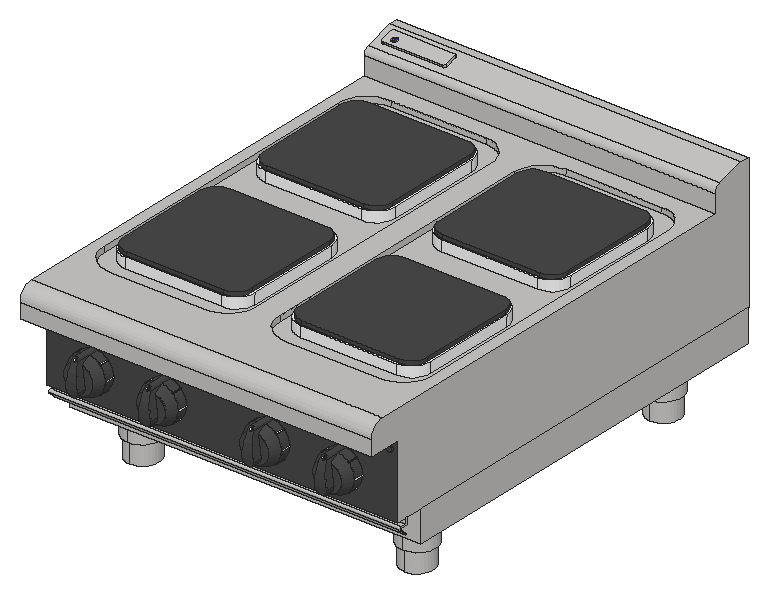
Revit family "QF_Moffat_RNLB8400SE-B_Electric_Cooktops_Sealed_Hobs_cat", category Specialty Equipment, Revit 2019
Family settings
  Round Connector Dimension = Use Diameter
  Part Type = Normal
  Work Plane-Based = No
  Always vertical = Yes
  Cut with Voids When Loaded = No
  Shared = No
  Room Calculation Point = No
Parameters (values of type "E514S-B")
  Weight in Kilograms = 74
  Watts = 8800 W
  Volts = 400 V
  URL Cutsheet = ""
  Specification by User = ""
  Specification by Manufacturer = ""
  Serial Number = ""
  Seismic Rating = ""
  SMACNA No = ""
  Revision Code = ""
  Phase = 2
  Number of Poles = 1
  NAFEM Spec ID Number = ""
  Model = "RNLB8400SE-B"
  Min Ckt Ampacity = 0 A
  Max Overcurrent Protection = 0 A
  Masterspec = ""
  Manufacturer = "Moffat"
  Length = 600 mm
  Item Number = ""
  Installed By = ""
  Identify Quantity as Lot = yes
  Height = 370 mm
  HP = ""
  Furnished By = ""
  Foodservice Equipment Identifier = yes
  FL Amps = 22 A
  Electrical Remarks = ""
  Electric Connection Type = ""
  Elec Conn RI Height = 0 mm
  Elec Conn Connection Height = 0 mm
  Description = "Electric Cooktops Sealed Hobs"
  Depth = 805 mm
  Cycle = 50 Hz
  Conn Plug = ""
  Conn Conduit = yes
  CSI MasterFormat = ""
  Apparent Power = if(Phase = 3, Volts * FL Amps * 1.73, Volts * FL Amps)  # 8800 VA
Reference planes
  plane 1 "BACK": y = 0
  plane 2: z = 0
  plane 3 "LEFT": x = 0
  plane 4 "RIGHT": x = 600
  plane 5 "FRONT": y = -805
  plane 6 "TOP": z = 315
  plane 7 "Center Y": x = 300
  plane 8 "Center X": y = -402.5
  plane 9: x = 65.5
  plane 10: x = 87.5
  plane 11: x = 211.766
  plane 12: y = -30
  plane 13: x = 470
  plane 14: x = 512.5
  plane 15: x = 388.234
  plane 16: x = 534.5
  plane 17: z = 370
Forms (mm)
  Extrusion 1, solid, material "QF_Metal_Stainless_Polished"
    sketch origin (0, 0, 0) x (0, 1, 0) y (0, 0, 1)
      loop
        line (0, 140) -> (0, 370) -> (-15, 370) -> (-61.106, 357.646)
        arc (-61.106, 357.646) -> (-67.52, 353.36) -> (-70, 346.055) r 12
        line (-70, 346.055) -> (-70, 315) -> (-781, 315)
        arc (-781, 315) -> (-797.971, 307.971) -> (-805, 291) r 24
        line (-805, 291) -> (-805, 266) -> (-749, 266) -> (-749, 140) -> (0, 140)
    from 0 to 600
  Extrusion 2, void
    sketch origin (0, -773.8, 315) x (0, 1, 0) y (-1, 0, 0)
      loop
        arc (673.6, -69) -> (658.955, -33.645) -> (623.6, -19) r 50
        line (623.6, -19) -> (123.399, -19)
        arc (123.399, -19) -> (88.044, -33.645) -> (73.399, -69) r 50
        line (73.399, -69) -> (73.399, -231)
        arc (73.399, -231) -> (88.044, -266.355) -> (123.399, -281) r 50
        line (123.399, -281) -> (623.6, -281)
        arc (623.6, -281) -> (658.955, -266.355) -> (673.6, -231) r 50
        line (673.6, -231) -> (673.6, -69)
      loop
        line (673.6, -531) -> (673.6, -369)
        arc (673.6, -369) -> (658.955, -333.645) -> (623.6, -319) r 50
        line (623.6, -319) -> (123.399, -319)
        arc (123.399, -319) -> (88.044, -333.645) -> (73.399, -369) r 50
        line (73.399, -369) -> (73.399, -531)
        arc (73.399, -531) -> (88.044, -566.355) -> (123.399, -581) r 50
        line (123.399, -581) -> (623.6, -581)
        arc (623.6, -581) -> (658.955, -566.355) -> (673.6, -531) r 50
    from 0 to -9.5
  Extrusion 3, solid, material "QF_Plastic_White_Smooth"
    sketch origin (0, -773.8, 305.5) x (0, 1, 0) y (-1, 0, 0)
      loop
        arc (635.218, -68) -> (625.846, -45.373) -> (603.218, -36) r 32
        line (603.218, -36) -> (440.356, -36)
        arc (440.356, -36) -> (417.729, -45.373) -> (408.356, -68) r 32
        line (408.356, -68) -> (408.356, -232)
        arc (408.356, -232) -> (417.729, -254.627) -> (440.356, -264) r 32
        line (440.356, -264) -> (603.218, -264)
        arc (603.218, -264) -> (625.846, -254.627) -> (635.218, -232) r 32
        line (635.218, -232) -> (635.218, -68)
      loop
        arc (335.256, -68) -> (325.884, -45.373) -> (303.256, -36) r 32
        line (303.256, -36) -> (140.282, -36)
        arc (140.282, -36) -> (117.655, -45.373) -> (108.282, -68) r 32
        line (108.282, -68) -> (108.282, -232)
        arc (108.282, -232) -> (117.655, -254.627) -> (140.282, -264) r 32
        line (140.282, -264) -> (303.256, -264)
        arc (303.256, -264) -> (325.884, -254.627) -> (335.256, -232) r 32
        line (335.256, -232) -> (335.256, -68)
      loop
        arc (635.218, -368) -> (625.846, -345.373) -> (603.218, -336) r 32
        line (603.218, -336) -> (440.356, -336)
        arc (440.356, -336) -> (417.728, -345.373) -> (408.356, -368) r 32
        line (408.356, -368) -> (408.356, -532)
        arc (408.356, -532) -> (417.728, -554.627) -> (440.356, -564) r 32
        line (440.356, -564) -> (603.218, -564)
        arc (603.218, -564) -> (625.846, -554.627) -> (635.218, -532) r 32
        line (635.218, -532) -> (635.218, -368)
      loop
        arc (335.258, -368) -> (325.885, -345.373) -> (303.258, -336) r 32
        line (303.258, -336) -> (140.279, -336)
        arc (140.279, -336) -> (117.652, -345.373) -> (108.279, -368) r 32
        line (108.279, -368) -> (108.279, -532)
        arc (108.279, -532) -> (117.652, -554.627) -> (140.279, -564) r 32
        line (140.279, -564) -> (303.258, -564)
        arc (303.258, -564) -> (325.885, -554.627) -> (335.258, -532) r 32
        line (335.258, -532) -> (335.258, -368)
    from 0 to 17.8
  Extrusion 4, solid, material "QF_Plastic_Black_Smooth"
    sketch origin (0, -773.8, 323.3) x (0, 1, 0) y (-1, 0, 0)
      loop
        arc (631.8, -67) -> (623.892, -47.908) -> (604.8, -40) r 27
        line (604.8, -40) -> (438.79, -40)
        arc (438.79, -40) -> (419.699, -47.908) -> (411.79, -67) r 27
        line (411.79, -67) -> (411.79, -233)
        arc (411.79, -233) -> (419.699, -252.092) -> (438.79, -260) r 27
        line (438.79, -260) -> (604.8, -260)
        arc (604.8, -260) -> (623.892, -252.092) -> (631.8, -233) r 27
        line (631.8, -233) -> (631.8, -67)
      loop
        arc (331.8, -67) -> (323.892, -47.908) -> (304.8, -40) r 27
        line (304.8, -40) -> (138.8, -40)
        arc (138.8, -40) -> (119.708, -47.908) -> (111.8, -67) r 27
        line (111.8, -67) -> (111.8, -233)
        arc (111.8, -233) -> (119.708, -252.092) -> (138.8, -260) r 27
        line (138.8, -260) -> (304.8, -260)
        arc (304.8, -260) -> (323.892, -252.092) -> (331.8, -233) r 27
        line (331.8, -233) -> (331.8, -67)
      loop
        line (631.8, -533) -> (631.8, -367)
        arc (631.8, -367) -> (623.892, -347.908) -> (604.8, -340) r 27
        line (604.8, -340) -> (438.79, -340)
        arc (438.79, -340) -> (419.699, -347.908) -> (411.79, -367) r 27
        line (411.79, -367) -> (411.79, -533)
        arc (411.79, -533) -> (419.699, -552.092) -> (438.79, -560) r 27
        line (438.79, -560) -> (604.8, -560)
        arc (604.8, -560) -> (623.892, -552.092) -> (631.8, -533) r 27
      loop
        line (331.8, -533) -> (331.8, -367)
        arc (331.8, -367) -> (323.892, -347.908) -> (304.8, -340) r 27
        line (304.8, -340) -> (138.8, -340)
        arc (138.8, -340) -> (119.708, -347.908) -> (111.8, -367) r 27
        line (111.8, -367) -> (111.8, -533)
        arc (111.8, -533) -> (119.708, -552.092) -> (138.8, -560) r 27
        line (138.8, -560) -> (304.8, -560)
        arc (304.8, -560) -> (323.892, -552.092) -> (331.8, -533) r 27
    from 0 to 6.1
  Extrusion 5, solid, material "QF_Metal_Stainless_Polished"
    sketch origin (0, 0, 0) x (0, 1, 0) y (0, 0, 1)
      loop
        line (-699, 85) -> (0, 85) -> (0, 140) -> (-699, 140) -> (-699, 85)
    from 0 to 600
  Extrusion 6, solid, material "QF_Metal_Stainless_Polished"
    sketch origin (0, 0, 0) x (0, 1, 0) y (0, 0, 1)
      loop
        line (-730.6, 140) -> (-730.6, 130) -> (-740.105, 130)
        arc (-740.105, 130) -> (-743.076, 128.015) -> (-742.379, 124.511) r 3.215
        line (-742.379, 124.511) -> (-731.85, 113.982) -> (-730.719, 115.113) -> (-741.247, 125.642)
        arc (-741.247, 125.642) -> (-741.597, 127.403) -> (-740.105, 128.4) r 1.615
        line (-740.105, 128.4) -> (-729, 128.4) -> (-729, 140) -> (-730.6, 140)
    from 0 to 600
  Extrusion 7, solid, material "QF_Metal_Stainless_Polished"
    sketch origin (300, 175.397, 1219.2) x (0, 1, 0) y (0, 0, 1)
      loop
        line (-874.397, -1109.2) -> (-889.234, -1109.2)
        arc (-889.234, -1109.2) -> (-890.834, -1110.8) -> (-889.234, -1112.4) r 1.6
        line (-889.234, -1112.4) -> (-874.397, -1112.4) -> (-874.397, -1109.2)
    from -250 to 250
  Extrusion 8, solid, material "QF_Paint_Green"
    sketch origin (0, -749, 107.5) x (0, 0, 1) y (-1, 0, 0)
      loop
        circle (129.8, -432.5) r 7.15
      loop
        circle (129.8, -557.5) r 7.15
      loop
        circle (129.8, -131.766) r 7.15
      loop
        circle (129.8, -256.766) r 7.15
    from 0 to 1.6
  Extrusion 9, solid, material "QF_Plastic_Black_Smooth"
    sketch origin (0, -749, 107.5) x (0, 0, 1) y (-1, 0, 0)
      loop
        circle (142.343, -13.157) r 5
      loop
        circle (142.343, -586.843) r 5
    from 0 to 1.6
  Extrusion 10, solid, material "QF_Metal_Stainless_Polished"
    sketch origin (-30, -689.8, 85) x (1, 0, 0) y (0, -1, 0)
      loop
        circle (500, -659.8) r 6.35
    from 0 to 1.6
Cuts and joins
  Extrusion 2 cuts Extrusion 1
Lines and regions (mm)
  symbolic lines
    curve 1: line (0, 0, 0) -> (600, 0, 0)
    curve 2: line (0, -805, 0) -> (0, 0, 0)
    curve 3: line (600, -805, 0) -> (0, -805, 0)
    curve 4: line (600, 0, 0) -> (600, -805, 0)
    curve 5: arc (69, -700.401, 0) -> (33.645, -685.756, 0) -> (19, -650.401, 0) r 50
    curve 6: line (19, -650.401, 0) -> (19, -150.2, 0)
    curve 7: arc (19, -150.2, 0) -> (33.645, -114.845, 0) -> (69, -100.2, 0) r 50
    curve 8: line (69, -100.2, 0) -> (231, -100.2, 0)
    curve 9: arc (231, -100.2, 0) -> (266.355, -114.845, 0) -> (281, -150.2, 0) r 50
    curve 10: line (281, -150.2, 0) -> (281, -650.401, 0)
    curve 11: arc (281, -650.401, 0) -> (266.355, -685.756, 0) -> (231, -700.401, 0) r 50
    curve 12: line (231, -700.401, 0) -> (69, -700.401, 0)
    curve 13: arc (369, -700.401, 0) -> (333.645, -685.756, 0) -> (319, -650.401, 0) r 50
    curve 14: line (319, -650.401, 0) -> (319, -150.2, 0)
    curve 15: arc (319, -150.2, 0) -> (333.645, -114.845, 0) -> (369, -100.2, 0) r 50
    curve 16: line (369, -100.2, 0) -> (531, -100.2, 0)
    curve 17: arc (531, -100.2, 0) -> (566.355, -114.845, 0) -> (581, -150.2, 0) r 50
    curve 18: line (581, -150.2, 0) -> (581, -650.401, 0)
    curve 19: arc (581, -650.401, 0) -> (566.355, -685.756, 0) -> (531, -700.401, 0) r 50
    curve 20: line (531, -700.401, 0) -> (369, -700.401, 0)
    curve 21: arc (232, -665.518, 0) -> (254.627, -656.145, 0) -> (264, -633.518, 0) r 32
    curve 22: line (264, -633.518, 0) -> (264, -470.544, 0)
    curve 23: arc (264, -470.544, 0) -> (254.627, -447.916, 0) -> (232, -438.544, 0) r 32
    curve 24: line (232, -438.544, 0) -> (68, -438.544, 0)
    curve 25: arc (68, -438.544, 0) -> (45.373, -447.916, 0) -> (36, -470.544, 0) r 32
    curve 26: line (36, -470.544, 0) -> (36, -633.518, 0)
    curve 27: arc (36, -633.518, 0) -> (45.373, -656.145, 0) -> (68, -665.518, 0) r 32
    curve 28: line (68, -665.518, 0) -> (232, -665.518, 0)
    curve 29: arc (233, -662, 0) -> (252.092, -654.092, 0) -> (260, -635, 0) r 27
    curve 30: line (260, -635, 0) -> (260, -469, 0)
    curve 31: arc (260, -469, 0) -> (252.092, -449.908, 0) -> (233, -442, 0) r 27
    curve 32: line (233, -442, 0) -> (67, -442, 0)
    curve 33: arc (67, -442, 0) -> (47.908, -449.908, 0) -> (40, -469, 0) r 27
    curve 34: line (40, -469, 0) -> (40, -635, 0)
    curve 35: arc (40, -635, 0) -> (47.908, -654.092, 0) -> (67, -662, 0) r 27
    curve 36: line (67, -662, 0) -> (233, -662, 0)
    curve 37: arc (336, -633.521, 0) -> (345.373, -656.148, 0) -> (368, -665.521, 0) r 32
    curve 38: line (368, -665.521, 0) -> (532, -665.521, 0)
    curve 39: arc (532, -665.521, 0) -> (554.627, -656.148, 0) -> (564, -633.521, 0) r 32
    curve 40: line (564, -633.521, 0) -> (564, -470.542, 0)
    curve 41: arc (564, -470.542, 0) -> (554.627, -447.915, 0) -> (532, -438.542, 0) r 32
    curve 42: line (532, -438.542, 0) -> (368, -438.542, 0)
    curve 43: arc (368, -438.542, 0) -> (345.373, -447.915, 0) -> (336, -470.542, 0) r 32
    curve 44: line (336, -470.542, 0) -> (336, -633.521, 0)
    curve 45: arc (340, -635, 0) -> (347.908, -654.092, 0) -> (367, -662, 0) r 27
    curve 46: line (367, -662, 0) -> (533, -662, 0)
    curve 47: arc (533, -662, 0) -> (552.092, -654.092, 0) -> (560, -635, 0) r 27
    curve 48: line (560, -635, 0) -> (560, -469, 0)
    curve 49: arc (560, -469, 0) -> (552.092, -449.908, 0) -> (533, -442, 0) r 27
    curve 50: line (533, -442, 0) -> (367, -442, 0)
    curve 51: arc (367, -442, 0) -> (347.908, -449.908, 0) -> (340, -469, 0) r 27
    curve 52: line (340, -469, 0) -> (340, -635, 0)
    curve 53: arc (340, -335.01, 0) -> (347.908, -354.101, 0) -> (367, -362.01, 0) r 27
    curve 54: line (367, -362.01, 0) -> (533, -362.01, 0)
    curve 55: arc (533, -362.01, 0) -> (552.092, -354.101, 0) -> (560, -335.01, 0) r 27
    curve 56: line (560, -335.01, 0) -> (560, -169, 0)
    curve 57: arc (560, -169, 0) -> (552.092, -149.908, 0) -> (533, -142, 0) r 27
    curve 58: line (533, -142, 0) -> (367, -142, 0)
    curve 59: arc (367, -142, 0) -> (347.908, -149.908, 0) -> (340, -169, 0) r 27
    curve 60: line (340, -169, 0) -> (340, -335.01, 0)
    curve 61: arc (336, -333.444, 0) -> (345.373, -356.072, 0) -> (368, -365.444, 0) r 32
    curve 62: line (368, -365.444, 0) -> (532, -365.444, 0)
    curve 63: arc (532, -365.444, 0) -> (554.627, -356.072, 0) -> (564, -333.444, 0) r 32
    curve 64: line (564, -333.444, 0) -> (564, -170.582, 0)
    curve 65: arc (564, -170.582, 0) -> (554.627, -147.954, 0) -> (532, -138.582, 0) r 32
    curve 66: line (532, -138.582, 0) -> (368, -138.582, 0)
    curve 67: arc (368, -138.582, 0) -> (345.373, -147.954, 0) -> (336, -170.582, 0) r 32
    curve 68: line (336, -170.582, 0) -> (336, -333.444, 0)
    curve 69: arc (232, -365.444, 0) -> (254.627, -356.071, 0) -> (264, -333.444, 0) r 32
    curve 70: line (264, -333.444, 0) -> (264, -170.582, 0)
    curve 71: arc (264, -170.582, 0) -> (254.627, -147.954, 0) -> (232, -138.582, 0) r 32
    curve 72: line (232, -138.582, 0) -> (68, -138.582, 0)
    curve 73: arc (68, -138.582, 0) -> (45.373, -147.954, 0) -> (36, -170.582, 0) r 32
    curve 74: line (36, -170.582, 0) -> (36, -333.444, 0)
    curve 75: arc (36, -333.444, 0) -> (45.373, -356.071, 0) -> (68, -365.444, 0) r 32
    curve 76: line (68, -365.444, 0) -> (232, -365.444, 0)
    curve 77: arc (233, -362.01, 0) -> (252.092, -354.101, 0) -> (260, -335.01, 0) r 27
    curve 78: line (260, -335.01, 0) -> (260, -169, 0)
    curve 79: arc (260, -169, 0) -> (252.092, -149.908, 0) -> (233, -142, 0) r 27
    curve 80: line (233, -142, 0) -> (67, -142, 0)
    curve 81: arc (67, -142, 0) -> (47.908, -149.908, 0) -> (40, -169, 0) r 27
    curve 82: line (40, -169, 0) -> (40, -335.01, 0)
    curve 83: arc (40, -335.01, 0) -> (47.908, -354.101, 0) -> (67, -362.01, 0) r 27
    curve 84: line (67, -362.01, 0) -> (233, -362.01, 0)
    curve 85: line (0, -15, 0) -> (600, -15, 0)
    curve 86: line (0, -70, 0) -> (600, -70, 0)
Dimensions and locks
  equal spacing: plane 3 "LEFT", plane 7 "Center Y", plane 4 "RIGHT"
  "Length": plane 3 "LEFT" to plane 4 "RIGHT"
  equal spacing: plane 5 "FRONT", plane 8 "Center X", plane 1 "BACK"
  "Depth": plane 5 "FRONT" to plane 1 "BACK"
  plane 4 "RIGHT" to plane 3 "LEFT" = 600 mm
  plane 1 "BACK" to plane 5 "FRONT" = 805 mm
  plane 6 "TOP" to plane 2 = 315 mm
  cut or joined group of Extrusion 1, Extrusion 2 to plane 2 = 315 mm
  plane 2 to Extrusion 5 = 85 mm
  plane 1 "BACK" to nested 5 = 100 mm
  nested 5 to nested 1 = 525 mm
  plane 13 to plane 4 "RIGHT" = 130 mm
  plane 9 to plane 16 = 469 mm
  plane 1 "BACK" to plane 12 = 30 mm
  "Height": plane 17 to level
  aligned and locked: level to plane 2
Automatic sketch dimensions
  Extrusion 3 sketch curve to Extrusion 2 = 34.883 mm
  Extrusion 3 sketch curve to Extrusion 2 = 17 mm  (x6)
  Extrusion 3 sketch curve to Extrusion 3 sketch curve = 32 mm  (x11)
  Extrusion 3 sketch curve to Extrusion 2 = 49 mm  (x5)
  Extrusion 3 sketch curve to Extrusion 3 sketch curve = 162.974 mm
  Extrusion 3 sketch curve to Extrusion 3 sketch curve = 73.1 mm
  Extrusion 3 sketch curve to Extrusion 2 = 70.382 mm  (x4)
  Extrusion 5 sketch curve to plane 1 "BACK" = 0 mm
  Extrusion 5 sketch curve to plane 5 "FRONT" = 106 mm
  level to Extrusion 5 sketch curve = 85 mm
  Extrusion 5 sketch curve to Extrusion 5 sketch curve = 55 mm
  Extrusion 6 sketch curve to Extrusion 6 sketch curve = 0 mm  (x2)
  Extrusion 6 sketch curve to plane 5 "FRONT" = 62.621 mm
  Extrusion 6 sketch curve to Extrusion 6 sketch curve = 1.131 mm  (x3)
  Extrusion 6 sketch curve to Extrusion 6 sketch curve = 1.142 mm  (x2)
  Extrusion 6 sketch curve to Extrusion 6 sketch curve = 10.529 mm
  Extrusion 6 sketch curve to Extrusion 6 sketch curve = 9.505 mm
  Extrusion 6 sketch curve to Extrusion 6 sketch curve = 1.6 mm
  level to Extrusion 6 sketch curve = 113.982 mm
  Extrusion 6 sketch curve to Extrusion 6 sketch curve = 10 mm
  Extrusion 1 to Extrusion 9 sketch curve = 13.157 mm  (x2)
  Extrusion 10 sketch curve to Extrusion 5 = 30 mm
  Extrusion 10 sketch curve to Extrusion 5 = 130 mm
  Extrusion 7 sketch curve to plane 5 "FRONT" = 91.163 mm
  Extrusion 7 sketch curve to Extrusion 7 sketch curve = 14.837 mm
  level to Extrusion 7 sketch curve = 106.8 mm
  Extrusion 7 sketch curve to Extrusion 7 sketch curve = 1.6 mm
  Extrusion 1 to Extrusion 8 sketch curve = 42.5 mm
  Extrusion 8 sketch curve to Extrusion 8 sketch curve = 125 mm  (x2)
  Extrusion 8 sketch curve to Extrusion 8 sketch curve = 175.734 mm
  Extrusion 1 to Extrusion 2 sketch curve = 19 mm
  Extrusion 2 sketch curve to Extrusion 2 sketch curve = 50 mm  (x6)
  Extrusion 2 sketch curve to Extrusion 2 sketch curve = 0 mm  (x2)
  Extrusion 2 sketch curve to Extrusion 2 sketch curve = 162 mm
  Extrusion 2 sketch curve to Extrusion 2 sketch curve = 38 mm
  Extrusion 1 to Extrusion 2 sketch curve = 69 mm
  Extrusion 3 sketch curve to Extrusion 2 = 265.244 mm
  Extrusion 3 sketch curve to Extrusion 2 = 34.88 mm
  Extrusion 3 sketch curve to Extrusion 3 sketch curve = 105.098 mm
  Extrusion 4 sketch curve to Extrusion 3 = 3.518 mm  (x2)
  Extrusion 4 sketch curve to Extrusion 4 sketch curve = 27 mm  (x6)
  Extrusion 4 sketch curve to Extrusion 3 = 4 mm  (x7)
  Extrusion 4 sketch curve to Extrusion 3 = 30.518 mm
  Extrusion 4 sketch curve to Extrusion 3 = 30.456 mm  (x4)
  Extrusion 4 sketch curve to Extrusion 3 = 3.456 mm  (x2)
  Extrusion 4 sketch curve to Extrusion 3 = 3.434 mm  (x2)
  Extrusion 4 sketch curve to Extrusion 3 = 30.434 mm
  Extrusion 4 sketch curve to Extrusion 3 = 30.418 mm  (x4)
  Extrusion 4 sketch curve to Extrusion 3 = 3.418 mm  (x2)
  Extrusion 4 sketch curve to Extrusion 3 = 31 mm
  Extrusion 2 sketch curve to Extrusion 1 = 130.599 mm
  Extrusion 8 sketch curve to Extrusion 1 = 28.7 mm  (x4)
  Extrusion 9 sketch curve to Extrusion 1 = 16.157 mm  (x2)
  plane 1 "BACK" to curve 1 = 0 mm
  curve 1 to plane 3 "LEFT" = 0 mm
  curve 4 to plane 4 "RIGHT" = 0 mm
  plane 5 "FRONT" to curve 4 = 0 mm
  plane 3 "LEFT" to curve 6 = 19 mm
  plane 9 to curve 26 = 29.5 mm
  curve 7 to curve 74 = 17 mm
  curve 73 to curve 82 = 4 mm
  curve 25 to curve 34 = 4 mm
  curve 32 to plane 9 = 1.5 mm
  curve 36 to plane 9 = 1.5 mm
  curve 83 to plane 9 = 1.5 mm
  curve 80 to plane 9 = 1.5 mm
  curve 24 to plane 9 = 2.5 mm
  curve 81 to curve 73 = 1 mm
  curve 27 to plane 9 = 2.5 mm
  curve 83 to curve 75 = 1 mm
  curve 8 to plane 9 = 3.5 mm
  curve 5 to plane 9 = 3.5 mm
  plane 11 to curve 8 = 19.234 mm
  plane 11 to curve 11 = 19.234 mm
  plane 11 to curve 24 = 20.234 mm
  plane 11 to curve 76 = 20.234 mm
  plane 11 to curve 71 = 20.234 mm
  curve 11 to curve 28 = 1 mm
  curve 23 to curve 31 = 1 mm
  curve 76 to curve 84 = 1 mm
  curve 71 to curve 80 = 1 mm
  curve 21 to curve 29 = 1 mm
  curve 31 to curve 30 = 27 mm
  curve 77 to curve 78 = 27 mm
  curve 29 to curve 22 = 4 mm
  curve 77 to curve 70 = 4 mm
  curve 10 to plane 7 "Center Y" = 19 mm
  plane 7 "Center Y" to curve 14 = 19 mm
  curve 14 to curve 44 = 17 mm
  plane 7 "Center Y" to curve 68 = 36 mm
  curve 68 to curve 60 = 4 mm
  curve 44 to curve 52 = 4 mm
  plane 15 to curve 51 = 21.234 mm
  plane 15 to curve 53 = 21.234 mm
  plane 15 to curve 59 = 21.234 mm
  plane 15 to curve 46 = 21.234 mm
  curve 45 to curve 37 = 1 mm
  curve 51 to curve 43 = 1 mm
  curve 59 to curve 67 = 1 mm
  curve 53 to curve 61 = 1 mm
  plane 15 to curve 20 = 19.234 mm
  plane 15 to curve 16 = 19.234 mm
  curve 19 to plane 16 = 3.5 mm
  curve 17 to plane 16 = 3.5 mm
  curve 66 to plane 16 = 2.5 mm
  curve 38 to plane 16 = 2.5 mm
  curve 62 to plane 16 = 2.5 mm
  curve 41 to plane 16 = 2.5 mm
  curve 49 to plane 16 = 1.5 mm
  curve 55 to plane 16 = 1.5 mm
  curve 57 to plane 16 = 1.5 mm
  curve 46 to plane 16 = 1.5 mm
  plane 16 to curve 56 = 25.5 mm
  plane 16 to curve 48 = 25.5 mm
  curve 57 to curve 64 = 4 mm
  curve 47 to curve 40 = 4 mm
  plane 4 "RIGHT" to curve 18 = 19 mm
  curve 20 to plane 5 "FRONT" = 104.599 mm
  curve 12 to plane 5 "FRONT" = 104.599 mm
  curve 38 to curve 13 = 15.12 mm
  curve 28 to curve 5 = 15.117 mm
  curve 28 to curve 36 = 3.518 mm
  curve 37 to curve 46 = 3.521 mm
  curve 25 to plane 8 "Center X" = 68.044 mm
  curve 43 to plane 8 "Center X" = 68.042 mm
  curve 25 to curve 33 = 1.544 mm
  curve 43 to curve 51 = 1.542 mm
  plane 8 "Center X" to curve 62 = 37.056 mm
  plane 8 "Center X" to curve 76 = 37.056 mm
  curve 76 to curve 84 = 3.434 mm
  curve 62 to curve 54 = 3.435 mm
  plane 12 to curve 74 = 140.582 mm
  curve 70 to curve 68 = 0 mm
  curve 73 to curve 81 = 1.582 mm
  curve 64 to curve 56 = 1.582 mm
  curve 70 to curve 10 = 20.382 mm
  curve 67 to curve 14 = 20.382 mm
  Extrusion 1 sketch curve to plane 5 "FRONT" = 0 mm
  Extrusion 1 sketch curve to plane 5 "FRONT" = 24 mm
  Extrusion 1 sketch curve to plane 5 "FRONT" = 56 mm
  Extrusion 1 sketch curve to Extrusion 1 sketch curve = 25 mm
  Extrusion 1 sketch curve to Extrusion 1 sketch curve = 126 mm
  plane 12 to Extrusion 1 sketch curve = 40 mm
  plane 6 "TOP" to Extrusion 1 sketch curve = 31.055 mm
  Extrusion 1 sketch curve to Extrusion 1 sketch curve = 12 mm
  Extrusion 1 sketch curve to Extrusion 1 sketch curve = 3.106 mm
  plane 1 "BACK" to Extrusion 1 sketch curve = 15 mm
  Extrusion 1 sketch curve to Extrusion 1 sketch curve = 12.354 mm
  Extrusion 1 sketch curve to plane 1 "BACK" = 0 mm
  Extrusion 1 sketch curve to plane 6 "TOP" = 0 mm
  Extrusion 2 sketch curve to Extrusion 1 = 80.2 mm  (x3)
  curve 85 to curve 1 = 15 mm
  plane 12 to curve 86 = 40 mm
  radius of Extrusion 9 sketch curve = 5 mm  (x2)
  radius of Extrusion 10 sketch curve = 6.35 mm
  radius of Extrusion 8 sketch curve = 7.15 mm  (x4)
Nested families
  nested 1: "Small Leg" at (33.75, -593.25, 0), type "Small Leg"
  nested 2: "Small Leg" at (566.25, -593.25, 0) x (-1, 0, 0) z (0, 0, 1), type "Small Leg"
  nested 3: "Knob" at (55.003, -746.031, 164.502), type "Knob"
  nested 4: "Knob" at (179.269, -746.031, 164.502), type "Knob"
  nested 5: "Small Leg" at (33.75, -68.25, 0), type "Small Leg"
  nested 6: "Small Leg" at (566.25, -68.25, 0) x (-1, 0, 0) z (0, 0, 1), type "Small Leg"
  nested 7: "Knob" at (355.738, -746.031, 164.502), type "Knob"
  nested 8: "Knob" at (480.003, -746.031, 164.502), type "Knob"
  nested 9: "QF_LOGO_Waldorf" at (12, -23.778, 340.937), type "QF_LOGO_Waldorf"
Connectors
  electrical at (470, -30, 83.4), driven by "Volts", driven by "Watts"
    settings: on Extrusion 10, index 1, voltage 400 V, apparent load 8800 VA, apparent load phase1 0 VA, apparent load phase2 0 VA, apparent load phase3 0 VA, power factor 1, load classification "Other", number of poles 1, system type 30, power factor state 1, is connector primary yes, connector utility no, sub classification motor no, connector description "Electrical Connection"
Definition of nested family "Small Leg"
  Parameters (values of type "Small Leg")
    Weight in Pounds = 0
    URL Cutsheet = ""
    Specification by User = ""
    Specification by Manufacturer = ""
    Serial Number = ""
    Seismic Rating = ""
    SMACNA No = ""
    Revision Code = ""
    NAFEM Spec ID Number = ""
    Masterspec = ""
    Length = 63.5 mm
    Item Number = ""
    Installed By = ""
    Identify Quantity as Lot = yes
    Height = 85 mm
    Furnished By = ""
    Foodservice Equipment Identifier = yes
    Depth = 63.5 mm
    CSI MasterFormat = ""
  Reference planes
    plane 1 "BACK": y = 0
    plane 2: z = 0
    plane 3 "LEFT": x = 0
    plane 4 "RIGHT": x = 63.5
    plane 5 "FRONT": y = -63.5
    plane 6 "TOP": z = 85
    plane 7 "Center Y": x = 31.75
    plane 8 "Center X": y = -31.75
  Forms (mm)
    Revolve 1, solid
      sketch origin (31.75, 175.397, 1219.2) x (0, 1, 0) y (0, 0, 1)
        loop
          line (-207.147, -1134.2) -> (-207.147, -1219.2) -> (-179.647, -1219.2) -> (-179.647, -1184.2) -> (-175.397, -1184.2) -> (-175.397, -1134.2) -> (-207.147, -1134.2)
        axis (-207.147, -1134.2) -> (-207.147, -1219.2)
      angle from 0 to 360
  Dimensions and locks
    equal spacing: plane 3 "LEFT", plane 7 "Center Y", plane 4 "RIGHT"
    "Length": plane 3 "LEFT" to plane 4 "RIGHT"
    equal spacing: plane 5 "FRONT", plane 8 "Center X", plane 1 "BACK"
    "Depth": plane 5 "FRONT" to plane 1 "BACK"
    "Height": plane 6 "TOP" to level
    plane 4 "RIGHT" to plane 3 "LEFT" = 63.5 mm
    aligned and locked: level to plane 2
  Automatic sketch dimensions
    Revolve 1 sketch curve to plane 6 "TOP" = 0 mm
    Revolve 1 sketch curve to plane 8 "Center X" = 0 mm  (x2)
    Revolve 1 sketch curve to level = 0 mm  (x2)
    Revolve 1 sketch curve to plane 1 "BACK" = 0 mm
    Revolve 1 sketch curve to Revolve 1 sketch curve = 4.25 mm
    level to Revolve 1 sketch curve = 35 mm
    Revolve 1 sketch curve to Revolve 1 sketch curve = 20 mm
Definition of nested family "Knob"
  Parameters (values of type "Knob")
    Weight in Pounds = 0
    URL Cutsheet = ""
    Specification by User = ""
    Specification by Manufacturer = ""
    Serial Number = ""
    Seismic Rating = ""
    SMACNA No = ""
    Revision Code = ""
    NAFEM Spec ID Number = ""
    Masterspec = ""
    Length = 65 mm
    Item Number = ""
    Installed By = ""
    Identify Quantity as Lot = yes
    Height = 69.5 mm
    Furnished By = ""
    Foodservice Equipment Identifier = yes
    Depth = 59 mm
    CSI MasterFormat = ""
  Reference planes
    plane 1 "BACK": y = 0
    plane 2: z = 0
    plane 3 "LEFT": x = 0
    plane 4 "RIGHT": x = 65
    plane 5 "FRONT": y = -59
    plane 6 "TOP": z = 69.5
    plane 7 "Center Y": x = 32.5
    plane 8 "Center X": y = -29.5
  Forms (mm)
    Revolve 1, solid
      sketch origin (32.5, 175.397, 1219.2) x (0, 1, 0) y (0, 0, 1)
        loop
          line (-175.397, -1186.7) -> (-219.397, -1186.7) -> (-219.397, -1211.501) -> (-202.106, -1219.2) -> (-185.397, -1219.2) -> (-185.397, -1191.7) -> (-175.397, -1191.7) -> (-175.397, -1186.7)
        axis (-219.397, -1186.7) -> (-175.397, -1186.7)
      angle from 0 to 360
    Extrusion 2, solid
      sketch origin (32.5, 175.397, 1219.2) x (0, 1, 0) y (0, 0, 1)
        loop
          line (-202.106, -1154.2) -> (-185.397, -1154.2) -> (-185.397, -1149.7) -> (-224.105, -1149.7)
          arc (-224.105, -1149.7) -> (-233.965, -1178.467) -> (-230.696, -1208.7) r 70
          line (-230.696, -1208.7) -> (-219.397, -1208.7) -> (-219.397, -1161.899) -> (-202.106, -1154.2)
      from -15 to 15
    Extrusion 3, void
      sketch origin (0, 0, 0) x (1, 0, 0) y (0, 0, 1)
        loop
          line (27.501, 64.613) -> (22.02, 20.585)
          arc (22.02, 20.585) -> (32.792, 10.488) -> (42.986, 21.169) r 10.487
          line (42.986, 21.169) -> (37.499, 64.613)
          arc (37.499, 64.613) -> (32.5, 69.5) -> (27.501, 64.613) r 5
        loop
          line (10, 72.977) -> (10, 5.625) -> (55, 5.625) -> (55, 72.977) -> (10, 72.977)
      from 6.142 to 69.687
    Extrusion 4, solid
      sketch origin (0, -34.115, -16.916) x (1, 0, 0) y (0, 0.45399, 0.891007)
        loop
          circle (32.497, 65) r 2
      from 51.525 to 53.075
    Extrusion 5, solid
      sketch origin (32.5, -10, 32.5) x (0, 0, -1) y (-1, 0, 0)
        loop
          line (-23.54, -22.408) -> (-24.106, -22.974)
          arc (-24.106, -22.974) -> (-23.547, -23.547) -> (-22.974, -24.106) r 33.3
          line (-22.974, -24.106) -> (-22.408, -23.54)
          arc (-22.408, -23.54) -> (-22.981, -22.981) -> (-23.54, -22.408) r 32.5
        loop
          arc (-0.8, -33.29) -> (0, -33.3) -> (0.8, -33.29) r 33.3
          line (0.8, -33.29) -> (0.8, -32.49)
          arc (0.8, -32.49) -> (0, -32.5) -> (-0.8, -32.49) r 32.5
          line (-0.8, -32.49) -> (-0.8, -33.29)
        loop
          arc (23.54, -22.408) -> (22.981, -22.981) -> (22.408, -23.54) r 32.5
          line (22.408, -23.54) -> (22.974, -24.106)
          arc (22.974, -24.106) -> (23.547, -23.547) -> (24.106, -22.974) r 33.3
          line (24.106, -22.974) -> (23.54, -22.408)
        loop
          arc (-23.54, 22.408) -> (-22.981, 22.981) -> (-22.408, 23.54) r 32.5
          line (-22.408, 23.54) -> (-22.974, 24.106)
          arc (-22.974, 24.106) -> (-23.547, 23.547) -> (-24.106, 22.974) r 33.3
          line (-24.106, 22.974) -> (-23.54, 22.408)
        loop
          line (-0.8, 33.29) -> (-0.8, 32.49)
          arc (-0.8, 32.49) -> (0, 32.5) -> (0.8, 32.49) r 32.5
          line (0.8, 32.49) -> (0.8, 33.29)
          arc (0.8, 33.29) -> (0, 33.3) -> (-0.8, 33.29) r 33.3
        loop
          line (32.49, -0.8) -> (33.29, -0.8)
          arc (33.29, -0.8) -> (33.3, 0) -> (33.29, 0.8) r 33.3
          line (33.29, 0.8) -> (32.49, 0.8)
          arc (32.49, 0.8) -> (32.5, 0) -> (32.49, -0.8) r 32.5
        loop
          arc (24.106, 22.974) -> (23.547, 23.547) -> (22.974, 24.106) r 33.3
          line (22.974, 24.106) -> (22.408, 23.54)
          arc (22.408, 23.54) -> (22.981, 22.981) -> (23.54, 22.408) r 32.5
          line (23.54, 22.408) -> (24.106, 22.974)
      from 0 to -16.709
  Cuts and joins
    Extrusion 3 cuts Extrusion 2
  Dimensions and locks
    equal spacing: plane 3 "LEFT", plane 7 "Center Y", plane 4 "RIGHT"
    "Length": plane 3 "LEFT" to plane 4 "RIGHT"
    equal spacing: plane 5 "FRONT", plane 8 "Center X", plane 1 "BACK"
    "Depth": plane 5 "FRONT" to plane 1 "BACK"
    "Height": plane 6 "TOP" to level
    plane 4 "RIGHT" to plane 3 "LEFT" = 65 mm
    aligned and locked: level to plane 2
  Automatic sketch dimensions
    Revolve 1 sketch curve to level = 0 mm
    Revolve 1 sketch curve to plane 1 "BACK" = 0 mm  (x2)
    plane 1 "BACK" to Revolve 1 sketch curve = 10 mm
    plane 8 "Center X" to Revolve 1 sketch curve = 2.791 mm
    Revolve 1 sketch curve to plane 8 "Center X" = 14.5 mm
    level to Revolve 1 sketch curve = 7.699 mm
    level to Revolve 1 sketch curve = 27.5 mm
    Revolve 1 sketch curve to Revolve 1 sketch curve = 5 mm
    Revolve 1 sketch curve to Revolve 1 sketch curve = 35 mm
    Revolve 1 sketch curve to Revolve 1 sketch curve = 0 mm
    Extrusion 2 sketch curve to plane 6 "TOP" = 0 mm
    Extrusion 2 sketch curve to plane 5 "FRONT" = 3.702 mm
    Extrusion 2 sketch curve to plane 5 "FRONT" = 10.293 mm
    Extrusion 2 sketch curve to Extrusion 2 sketch curve = 11.298 mm
    plane 8 "Center X" to Extrusion 2 sketch curve = 2.791 mm
    plane 1 "BACK" to Extrusion 2 sketch curve = 10 mm
    Extrusion 2 sketch curve to plane 1 "BACK" = 11 mm
    Extrusion 2 sketch curve to plane 6 "TOP" = 4.5 mm
    Extrusion 2 sketch curve to plane 6 "TOP" = 12.199 mm
    level to Extrusion 2 sketch curve = 32.962 mm
    level to Extrusion 3 sketch curve = 5.625 mm
    Extrusion 3 sketch curve to plane 7 "Center Y" = 0 mm  (x2)
    Extrusion 3 sketch curve to plane 7 "Center Y" = 4.999 mm
    Extrusion 3 sketch curve to plane 7 "Center Y" = 10.48 mm
    plane 6 "TOP" to Extrusion 3 sketch curve = 3.477 mm
    plane 3 "LEFT" to Extrusion 3 sketch curve = 10 mm
    Extrusion 3 sketch curve to plane 6 "TOP" = 4.887 mm
    Extrusion 3 sketch curve to Extrusion 3 sketch curve = 4.999 mm
    plane 7 "Center Y" to Extrusion 3 sketch curve = 10.486 mm
    level to Extrusion 3 sketch curve = 20.585 mm
    Extrusion 3 sketch curve to Extrusion 3 sketch curve = 0.387 mm
    Extrusion 3 sketch curve to Extrusion 3 sketch curve = 0.113 mm
    plane 4 "RIGHT" to Extrusion 3 sketch curve = 10 mm
    Extrusion 5 sketch curve to Revolve 1 = 32.49 mm
    Revolve 1 to Extrusion 5 sketch curve = 32.49 mm
    Extrusion 5 sketch curve to Revolve 1 = 23.54 mm  (x2)
    Revolve 1 to Extrusion 5 sketch curve = 23.54 mm  (x2)
    Extrusion 5 sketch curve to Revolve 1 = 24.106 mm  (x2)
    Revolve 1 to Extrusion 5 sketch curve = 24.106 mm  (x2)
    Revolve 1 to Extrusion 5 sketch curve = 22.408 mm  (x2)
    Extrusion 5 sketch curve to Revolve 1 = 22.408 mm  (x2)
    Revolve 1 to Extrusion 5 sketch curve = 22.974 mm  (x2)
    Extrusion 5 sketch curve to Revolve 1 = 22.974 mm  (x2)
    Extrusion 5 sketch curve to Extrusion 5 sketch curve = 1.6 mm  (x2)
    Revolve 1 to Extrusion 5 sketch curve = 0.8 mm
    Extrusion 5 sketch curve to Revolve 1 = 0.8 mm
    Extrusion 4 sketch curve to plane 7 "Center Y" = 0.003 mm
    radius of Extrusion 5 sketch curve to Revolve 1 = 0 mm  (x7)
    radius of Revolve 1 to Extrusion 5 sketch curve = 0.8 mm  (x7)
    radius of Extrusion 4 sketch curve = 2 mm
Definition of nested family "QF_LOGO_Waldorf"
  Parameters (values of type "QF_LOGO_Waldorf")
    Weight in Pounds = 0
    URL Cutsheet = ""
    Specification by User = ""
    Specification by Manufacturer = ""
    Serial Number = ""
    Seismic Rating = ""
    SMACNA No = ""
    Revision Code = ""
    NAFEM Spec ID Number = ""
    Masterspec = ""
    Length = 138 mm
    Item Number = ""
    Installed By = ""
    Identify Quantity as Lot = yes
    Height = 26.711 mm
    Furnished By = ""
    Foodservice Equipment Identifier = yes
    Depth = 3.175 mm
    CSI MasterFormat = ""
  Reference planes
    plane 1 "BACK": y = 0
    plane 2: z = 0
    plane 3 "LEFT": x = 0
    plane 4 "RIGHT": x = 138
    plane 5 "FRONT": y = -3.175
    plane 6 "TOP": z = 26.711
    plane 7 "Center Y": x = 69
    plane 8 "Center X": y = -1.587
  Forms (mm)
    Extrusion 1, solid
      sketch origin (0, -25.801, 19.798) x (1, 0, 0) y (0, 0.965926, 0.258819)
        loop
          line (109, 3.464) -> (109, 23.247)
          spline (109, 23.247) -> (108.966, 23.699) -> (108.864, 24.143) -> (108.696, 24.572) -> (108.464, 24.979) -> (108.173, 25.355) -> (107.828, 25.696) -> (107.435, 25.995) -> (107, 26.247) -> (106.531, 26.447) -> (106.035, 26.593) -> (105.522, 26.681) -> (105, 26.711)
          line (105, 26.711) -> (4, 26.711)
          spline (4, 26.711) -> (3.478, 26.681) -> (2.965, 26.593) -> (2.469, 26.447) -> (2, 26.247) -> (1.565, 25.995) -> (1.172, 25.696) -> (0.827, 25.355) -> (0.536, 24.979) -> (0.304, 24.572) -> (0.136, 24.143) -> (0.034, 23.699) -> (0, 23.247)
          line (0, 23.247) -> (0, 3.464)
          spline (0, 3.464) -> (0.034, 3.012) -> (0.136, 2.568) -> (0.304, 2.138) -> (0.536, 1.732) -> (0.827, 1.355) -> (1.172, 1.015) -> (1.565, 0.716) -> (2, 0.464) -> (2.469, 0.264) -> (2.965, 0.118) -> (3.478, 0.03) -> (4, 0)
          line (4, 0) -> (105, 0)
          spline (105, 0) -> (105.522, 0.03) -> (106.035, 0.118) -> (106.531, 0.264) -> (107, 0.464) -> (107.435, 0.716) -> (107.828, 1.015) -> (108.173, 1.355) -> (108.464, 1.732) -> (108.696, 2.138) -> (108.864, 2.568) -> (108.966, 3.012) -> (109, 3.464)
        loop
          line (14.75, 7.005) -> (14.75, 15.654)
          arc (14.75, 15.654) -> (10.425, 11.329) -> (14.75, 7.005) r 4.325
        loop
          line (15.25, 15.654) -> (15.25, 7.005)
          arc (15.25, 7.005) -> (19.575, 11.329) -> (15.25, 15.654) r 4.325
      from 0 to 3.2
    Extrusion 2, solid
      sketch origin (0, -25.801, 19.798) x (1, 0, 0) y (0, 0.965926, 0.258819)
        loop
          line (15.25, 15.654) -> (15.25, 7.005)
          arc (15.25, 7.005) -> (19.575, 11.329) -> (15.25, 15.654) r 4.325
      from 0 to 3.2
    Extrusion 3, solid
      sketch origin (16.271, -25.801, 19.798) x (-1, 0, 0) y (0, -0.965926, -0.258819)
        loop
          arc (1.521, -15.654) -> (5.846, -11.329) -> (1.521, -7.005) r 4.325
          line (1.521, -7.005) -> (1.521, -15.654)
      from 0 to 3.2
  Lines and regions (mm)
    Split face 1
      outline origin (0, -26.629, 22.888) x (1, 0, 0) y (0, 0.965926, 0.258819)
        loop
          spline (22.129, 16.975) -> (22.389, 15.984) -> (22.649, 15.002) -> (22.91, 14.028) -> (23.172, 13.065) -> (23.433, 12.11) -> (23.695, 11.166) -> (23.956, 10.232) -> (24.218, 9.308) -> (24.479, 8.396) -> (24.74, 7.495) -> (25, 6.605) -> (25.26, 5.728)
          line (25.26, 5.728) -> (29.463, 5.728)
          spline (29.463, 5.728) -> (29.582, 6.252) -> (29.701, 6.78) -> (29.82, 7.313) -> (29.939, 7.85) -> (30.058, 8.391) -> (30.178, 8.936) -> (30.297, 9.485) -> (30.416, 10.038) -> (30.536, 10.594) -> (30.655, 11.155) -> (30.775, 11.719) -> (30.894, 12.287)
          spline (30.894, 12.287) -> (31.018, 11.719) -> (31.142, 11.155) -> (31.266, 10.594) -> (31.39, 10.038) -> (31.514, 9.485) -> (31.638, 8.936) -> (31.762, 8.391) -> (31.885, 7.85) -> (32.009, 7.313) -> (32.133, 6.78) -> (32.256, 6.252) -> (32.379, 5.728)
          line (32.379, 5.728) -> (36.51, 5.728)
          spline (36.51, 5.728) -> (36.766, 6.605) -> (37.023, 7.495) -> (37.28, 8.396) -> (37.538, 9.308) -> (37.795, 10.232) -> (38.053, 11.166) -> (38.311, 12.11) -> (38.569, 13.065) -> (38.826, 14.028) -> (39.083, 15.002) -> (39.34, 15.984) -> (39.597, 16.975)
          line (39.597, 16.975) -> (35.637, 16.975)
          spline (35.637, 16.975) -> (35.523, 16.334) -> (35.41, 15.697) -> (35.296, 15.063) -> (35.182, 14.433) -> (35.068, 13.807) -> (34.954, 13.185) -> (34.84, 12.566) -> (34.726, 11.952) -> (34.612, 11.342) -> (34.497, 10.737) -> (34.383, 10.135) -> (34.269, 9.538)
          spline (34.269, 9.538) -> (34.138, 10.135) -> (34.008, 10.737) -> (33.877, 11.342) -> (33.746, 11.952) -> (33.616, 12.566) -> (33.485, 13.185) -> (33.354, 13.807) -> (33.224, 14.433) -> (33.093, 15.063) -> (32.963, 15.697) -> (32.833, 16.334) -> (32.703, 16.975)
          line (32.703, 16.975) -> (29.247, 16.975)
          spline (29.247, 16.975) -> (29.111, 16.334) -> (28.974, 15.697) -> (28.837, 15.063) -> (28.7, 14.433) -> (28.562, 13.807) -> (28.425, 13.185) -> (28.288, 12.566) -> (28.15, 11.952) -> (28.013, 11.342) -> (27.875, 10.737) -> (27.738, 10.135) -> (27.6, 9.538)
          spline (27.6, 9.538) -> (27.483, 10.135) -> (27.366, 10.737) -> (27.249, 11.342) -> (27.132, 11.952) -> (27.015, 12.566) -> (26.897, 13.185) -> (26.78, 13.807) -> (26.663, 14.433) -> (26.546, 15.063) -> (26.43, 15.697) -> (26.313, 16.334) -> (26.196, 16.975)
          line (26.196, 16.975) -> (22.129, 16.975)
    Split face 2
      outline origin (0, -26.629, 22.888) x (1, 0, 0) y (0, 0.965926, 0.258819)
        loop
          line (51.449, 5.728) -> (51.035, 6.606) -> (51.035, 11.169)
          spline (51.035, 11.169) -> (50.686, 12.42) -> (50.176, 13.224) -> (49.51, 13.708) -> (48.693, 13.995) -> (47.747, 14.152) -> (46.698, 14.207) -> (45.579, 14.186) -> (44.419, 14.114) -> (43.279, 13.929) -> (42.249, 13.481) -> (41.424, 12.614) -> (40.897, 11.169)
          line (40.897, 11.169) -> (44.617, 11.169) -> (44.988, 11.965)
          spline (44.988, 11.965) -> (47.294, 11.682) -> (46.856, 10.932) -> (45.527, 10.609) -> (43.858, 10.439) -> (42.259, 10.123) -> (41.078, 9.417) -> (40.563, 8.246) -> (40.689, 6.989) -> (41.407, 6.052) -> (42.774, 5.536) -> (44.847, 5.497) -> (47.306, 6.602)
          line (47.306, 6.602) -> (47.624, 5.728) -> (51.449, 5.728)
    Split face 3
      outline origin (0, -26.629, 22.888) x (1, 0, 0) y (0, 0.965926, 0.258819)
        loop
          line (47.264, 9.264) -> (44.938, 8.597)
          spline (44.938, 8.597) -> (44.508, 8.228) -> (44.402, 7.9) -> (44.548, 7.626) -> (44.877, 7.42) -> (45.317, 7.295) -> (45.797, 7.265) -> (46.252, 7.342) -> (46.65, 7.525) -> (46.971, 7.813) -> (47.194, 8.201) -> (47.298, 8.685) -> (47.264, 9.264)
    Split face 4
      outline origin (0, -26.629, 22.888) x (1, 0, 0) y (0, 0.965926, 0.258819)
        loop
          line (53.33, 16.975) -> (53.33, 5.728) -> (57.173, 5.728) -> (57.173, 16.975) -> (53.33, 16.975)
    Split face 5
      outline origin (0, -26.629, 22.888) x (1, 0, 0) y (0, 0.965926, 0.258819)
        loop
          line (65.795, 16.975) -> (65.795, 12.976)
          spline (65.795, 12.976) -> (63.839, 14.082) -> (62.087, 14.096) -> (60.633, 13.343) -> (59.574, 12.148) -> (58.99, 10.806) -> (58.867, 9.452) -> (59.156, 8.159) -> (59.81, 7) -> (60.786, 6.056) -> (62.111, 5.514) -> (63.868, 5.634) -> (66.137, 6.679)
          line (66.137, 6.679) -> (66.137, 5.728) -> (69.511, 5.728) -> (69.511, 16.975) -> (65.795, 16.975)
    Split face 6
      outline origin (0, -26.629, 22.888) x (1, 0, 0) y (0, 0.965926, 0.258819)
        loop
          spline (64.273, 7.499) -> (64.754, 7.57) -> (65.202, 7.777) -> (65.587, 8.106) -> (65.882, 8.535) -> (66.067, 9.034) -> (66.131, 9.57) -> (66.067, 10.106) -> (65.882, 10.605) -> (65.587, 11.034) -> (65.202, 11.363) -> (64.754, 11.57) -> (64.273, 11.64)
          spline (64.273, 11.64) -> (63.793, 11.57) -> (63.345, 11.363) -> (62.96, 11.034) -> (62.665, 10.605) -> (62.479, 10.106) -> (62.416, 9.57) -> (62.479, 9.034) -> (62.665, 8.535) -> (62.96, 8.106) -> (63.345, 7.777) -> (63.793, 7.57) -> (64.273, 7.499)
    Split face 7
      outline origin (0, -26.629, 22.888) x (1, 0, 0) y (0, 0.965926, 0.258819)
        loop
          spline (76.449, 5.305) -> (77.855, 5.457) -> (79.166, 5.901) -> (80.291, 6.607) -> (81.155, 7.527) -> (81.698, 8.599) -> (81.883, 9.749) -> (81.698, 10.899) -> (81.155, 11.97) -> (80.291, 12.891) -> (79.166, 13.597) -> (77.855, 14.041) -> (76.449, 14.192)
          spline (76.449, 14.192) -> (75.042, 14.041) -> (73.731, 13.597) -> (72.606, 12.891) -> (71.742, 11.97) -> (71.199, 10.899) -> (71.014, 9.749) -> (71.199, 8.599) -> (71.742, 7.527) -> (72.606, 6.607) -> (73.731, 5.901) -> (75.042, 5.457) -> (76.449, 5.305)
    Split face 8
      outline origin (0, -26.629, 22.888) x (1, 0, 0) y (0, 0.965926, 0.258819)
        loop
          spline (76.449, 7.654) -> (76.841, 7.725) -> (77.206, 7.934) -> (77.52, 8.267) -> (77.76, 8.701) -> (77.912, 9.206) -> (77.963, 9.749) -> (77.912, 10.291) -> (77.76, 10.796) -> (77.52, 11.23) -> (77.206, 11.563) -> (76.841, 11.772) -> (76.449, 11.843)
          spline (76.449, 11.843) -> (76.057, 11.772) -> (75.691, 11.563) -> (75.378, 11.23) -> (75.137, 10.796) -> (74.986, 10.291) -> (74.934, 9.749) -> (74.986, 9.206) -> (75.137, 8.701) -> (75.378, 8.267) -> (75.691, 7.934) -> (76.057, 7.725) -> (76.449, 7.654)
    Split face 9
      outline origin (0, -26.629, 22.888) x (1, 0, 0) y (0, 0.965926, 0.258819)
        loop
          line (86.998, 12.335) -> (86.998, 13.879) -> (83.479, 13.879) -> (83.479, 5.728) -> (87.312, 5.728) -> (87.312, 8.975)
          spline (87.312, 8.975) -> (87.364, 9.356) -> (87.458, 9.686) -> (87.594, 9.968) -> (87.769, 10.204) -> (87.982, 10.398) -> (88.229, 10.55) -> (88.509, 10.666) -> (88.82, 10.746) -> (89.16, 10.794) -> (89.525, 10.812) -> (89.915, 10.803) -> (90.327, 10.77)
          line (90.327, 10.77) -> (90.327, 14.113)
          spline (90.327, 14.113) -> (89.929, 14.127) -> (89.552, 14.111) -> (89.197, 14.066) -> (88.865, 13.991) -> (88.554, 13.887) -> (88.266, 13.754) -> (87.999, 13.591) -> (87.755, 13.399) -> (87.532, 13.177) -> (87.332, 12.926) -> (87.154, 12.645) -> (86.998, 12.335)
    Split face 10
      outline origin (0, -26.629, 22.888) x (1, 0, 0) y (0, 0.965926, 0.258819)
        loop
          line (92.082, 13.879) -> (90.894, 13.879) -> (90.894, 11.972) -> (92.082, 11.972) -> (92.082, 5.728) -> (95.871, 5.728) -> (95.871, 11.972) -> (97.5, 11.972) -> (97.5, 13.879) -> (95.871, 13.879)
          spline (95.871, 13.879) -> (95.843, 14.088) -> (95.845, 14.278) -> (95.877, 14.447) -> (95.939, 14.596) -> (96.03, 14.726) -> (96.151, 14.835) -> (96.301, 14.925) -> (96.482, 14.995) -> (96.692, 15.045) -> (96.931, 15.075) -> (97.201, 15.085) -> (97.5, 15.076)
          line (97.5, 15.076) -> (97.5, 17.266) -> (95.367, 17.266)
          spline (95.367, 17.266) -> (94.982, 17.253) -> (94.58, 17.21) -> (94.174, 17.132) -> (93.774, 17.013) -> (93.39, 16.846) -> (93.034, 16.627) -> (92.717, 16.349) -> (92.448, 16.007) -> (92.24, 15.595) -> (92.102, 15.106) -> (92.046, 14.537) -> (92.082, 13.879)
  Dimensions and locks
    equal spacing: plane 3 "LEFT", plane 7 "Center Y", plane 4 "RIGHT"
    "Length": plane 3 "LEFT" to plane 4 "RIGHT"
    equal spacing: plane 5 "FRONT", plane 8 "Center X", plane 1 "BACK"
    "Depth": plane 5 "FRONT" to plane 1 "BACK"
    "Height": plane 6 "TOP" to level
    plane 4 "RIGHT" to plane 3 "LEFT" = 138 mm
    aligned and locked: level to plane 2
  Automatic sketch dimensions
    Extrusion 1 sketch curve to plane 3 "LEFT" = 0 mm
    plane 3 "LEFT" to Extrusion 1 sketch curve = 4 mm  (x2)
    Extrusion 1 sketch curve to Extrusion 1 sketch curve = 10.75 mm
    Extrusion 1 sketch curve to Extrusion 1 sketch curve = 0.5 mm
    plane 4 "RIGHT" to Extrusion 1 sketch curve = 33 mm
    Extrusion 1 sketch curve to Extrusion 1 sketch curve = 0 mm  (x3)
    Extrusion 1 sketch curve to Extrusion 1 sketch curve = 4 mm
    Extrusion 1 sketch curve to Extrusion 1 sketch curve = 3.464 mm  (x3)
    Extrusion 1 sketch curve to Extrusion 1 sketch curve = 3.541 mm
    Extrusion 1 sketch curve to Extrusion 1 sketch curve = 4.325 mm
    Extrusion 1 sketch curve to Extrusion 1 sketch curve = 19.783 mm
    Extrusion 1 sketch curve to Extrusion 1 sketch curve = 7.592 mm
    plane 3 "LEFT" to Extrusion 2 sketch curve = 15.25 mm
    Extrusion 2 sketch curve to Extrusion 2 sketch curve = 4.325 mm
    plane 3 "LEFT" to Extrusion 3 sketch curve = 14.75 mm
    Extrusion 3 sketch curve to Extrusion 3 sketch curve = 4.325 mm
    Extrusion 1 to Split face 1 sketch curve = 6.879 mm
    Split face 1 sketch curve to Extrusion 1 = 5.728 mm
    Split face 1 sketch curve to Split face 1 sketch curve = 3.132 mm
    Split face 1 sketch curve to Split face 1 sketch curve = 4.068 mm
    Split face 1 sketch curve to Split face 1 sketch curve = 3.051 mm
    Split face 1 sketch curve to Split face 1 sketch curve = 4.203 mm
    Split face 1 sketch curve to Split face 1 sketch curve = 2.916 mm
    Split face 1 sketch curve to Split face 1 sketch curve = 3.456 mm
    Split face 1 sketch curve to Split face 1 sketch curve = 2.934 mm
    Split face 1 sketch curve to Split face 1 sketch curve = 4.131 mm
    Split face 1 sketch curve to Split face 1 sketch curve = 3.96 mm
    Split face 1 sketch curve to Split face 1 sketch curve = 0 mm  (x2)
    Split face 1 sketch curve to Extrusion 1 = 9.736 mm  (x2)
    Extrusion 1 to Split face 1 sketch curve = 6.337 mm
    Extrusion 1 to Split face 1 sketch curve = 6.231 mm
    Extrusion 1 to Split face 1 sketch curve = 3.184 mm
    Extrusion 1 to Split face 1 sketch curve = 13.135 mm
    Split face 1 sketch curve to Split face 1 sketch curve = 4.652 mm
    Split face 1 sketch curve to Split face 1 sketch curve = 3.593 mm
    Split face 1 sketch curve to Split face 1 sketch curve = 1.863 mm
    Split face 1 sketch curve to Split face 1 sketch curve = 0.713 mm
    Split face 1 sketch curve to Split face 1 sketch curve = 2.684 mm
    Split face 1 sketch curve to Split face 1 sketch curve = 3.294 mm
    Split face 1 sketch curve to Split face 1 sketch curve = 0.459 mm
    Split face 1 sketch curve to Split face 1 sketch curve = 2.775 mm
    Split face 1 sketch curve to Split face 1 sketch curve = 1.89 mm
    Split face 1 sketch curve to Split face 1 sketch curve = 0.685 mm
    Split face 1 sketch curve to Split face 1 sketch curve = 9.486 mm
    Split face 1 sketch curve to Split face 1 sketch curve = 16.213 mm
    Split face 1 sketch curve to Split face 1 sketch curve = 3.48 mm
    Split face 1 sketch curve to Split face 1 sketch curve = 4.918 mm
    Split face 1 sketch curve to Split face 1 sketch curve = 7.609 mm
    Split face 1 sketch curve to Split face 1 sketch curve = 0.01 mm  (x2)
    Split face 1 sketch curve to Split face 1 sketch curve = 0.002 mm
    Split face 2 sketch curve to Extrusion 1 = 11.169 mm
    Extrusion 1 to Split face 2 sketch curve = 25.647 mm
    Split face 2 sketch curve to Split face 2 sketch curve = 3.72 mm
    Split face 2 sketch curve to Extrusion 1 = 11.965 mm
    Split face 2 sketch curve to Split face 2 sketch curve = 0.371 mm
    Split face 2 sketch curve to Extrusion 1 = 6.602 mm
    Split face 2 sketch curve to Split face 2 sketch curve = 2.689 mm
    Split face 2 sketch curve to Split face 2 sketch curve = 0.318 mm
    Split face 2 sketch curve to Split face 2 sketch curve = 3.729 mm
    Split face 2 sketch curve to Split face 2 sketch curve = 0.414 mm
    Split face 2 sketch curve to Split face 2 sketch curve = 0.875 mm
    Split face 2 sketch curve to Split face 2 sketch curve = 0.878 mm
    Split face 3 sketch curve to Extrusion 1 = 8.597 mm
    Extrusion 1 to Split face 3 sketch curve = 29.688 mm
    Split face 3 sketch curve to Extrusion 1 = 9.264 mm
    Split face 3 sketch curve to Split face 3 sketch curve = 2.326 mm
    Split face 4 sketch curve to Extrusion 1 = 5.728 mm
    Extrusion 1 to Split face 4 sketch curve = 38.08 mm
    Split face 4 sketch curve to Split face 4 sketch curve = 3.843 mm
    Split face 4 sketch curve to Extrusion 1 = 9.736 mm
    Split face 5 sketch curve to Extrusion 1 = 9.736 mm
    Split face 5 sketch curve to Extrusion 1 = 43.205 mm
    Split face 5 sketch curve to Extrusion 1 = 6.679 mm
    Split face 5 sketch curve to Split face 5 sketch curve = 0.342 mm
    Split face 5 sketch curve to Split face 5 sketch curve = 3.375 mm
    Split face 5 sketch curve to Split face 5 sketch curve = 0.952 mm
    Split face 5 sketch curve to Split face 5 sketch curve = 3.998 mm
    Split face 6 sketch curve to Extrusion 1 = 7.499 mm
    Split face 6 sketch curve to Extrusion 1 = 44.727 mm
    Split face 6 sketch curve to Split face 6 sketch curve = 2.07 mm
    Split face 7 sketch curve to Extrusion 1 = 5.305 mm
    Split face 7 sketch curve to Extrusion 1 = 32.551 mm
    Split face 7 sketch curve to Split face 7 sketch curve = 4.443 mm
    Split face 8 sketch curve to Extrusion 1 = 7.654 mm
    Split face 8 sketch curve to Extrusion 1 = 32.551 mm
    Split face 8 sketch curve to Split face 8 sketch curve = 2.095 mm
    Split face 9 sketch curve to Extrusion 1 = 5.728 mm
    Split face 9 sketch curve to Extrusion 1 = 25.521 mm
    Split face 9 sketch curve to Split face 9 sketch curve = 3.519 mm
    Split face 9 sketch curve to Split face 9 sketch curve = 0.315 mm
    Split face 9 sketch curve to Split face 9 sketch curve = 3.33 mm
    Split face 9 sketch curve to Split face 9 sketch curve = 3.248 mm
    Split face 9 sketch curve to Split face 9 sketch curve = 1.795 mm
    Split face 9 sketch curve to Split face 9 sketch curve = 3.36 mm
    Split face 9 sketch curve to Split face 9 sketch curve = 1.545 mm
    Split face 9 sketch curve to Split face 9 sketch curve = 0.233 mm
    Split face 10 sketch curve to Extrusion 1 = 18.106 mm
    Split face 10 sketch curve to Split face 10 sketch curve = 1.188 mm  (x2)
    Split face 10 sketch curve to Split face 10 sketch curve = 3.285 mm
    Split face 10 sketch curve to Split face 10 sketch curve = 3.789 mm
    Split face 10 sketch curve to Split face 10 sketch curve = 0 mm  (x2)
    Split face 10 sketch curve to Split face 10 sketch curve = 1.629 mm
    Split face 10 sketch curve to Split face 10 sketch curve = 2.133 mm
    Split face 10 sketch curve to Extrusion 1 = 5.728 mm
    Split face 10 sketch curve to Split face 10 sketch curve = 6.245 mm
    Split face 10 sketch curve to Split face 10 sketch curve = 1.907 mm  (x2)
    Split face 10 sketch curve to Split face 10 sketch curve = 1.197 mm
    Split face 10 sketch curve to Split face 10 sketch curve = 2.19 mm
